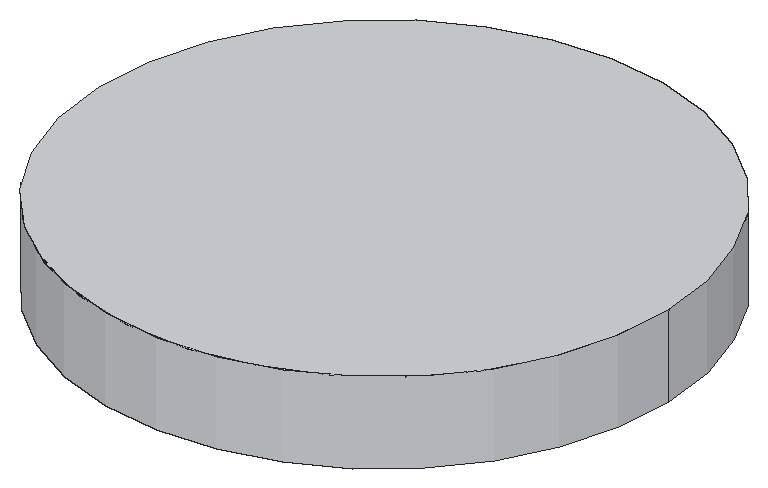
Revit family "DDP 008", category Generic Models, host Face, Revit 2017
Family settings
  Host = Face
  Can host rebar = No
  Round Connector Dimension = Use Diameter
  Part Type = Normal
  Cut with Voids When Loaded = No
  Shared = No
  Room Calculation Point = No
Parameters
  Model = "DDP 008"
  Material = none
  Manufacturer = "Depedestals"
  Description = "Podstawka pod płyty_Support pad_Plattenlager"
  Default Elevation = 0 mm
Reference planes
  plane 1 "Center (Front/Back)": y = 0
  plane 2: z = 0
  plane 3 "Center (Left/Right)": x = 0
Forms (mm)
  Extrusion 1, solid, material <- "Material"
    sketch origin (0, 0, 0) x (1, 0, 0) y (0, 1, 0)
      loop
        circle (0, 0) r 54.5
    from 0 to 15.85
Dimensions and locks
  aligned and locked: plane 2 to host face
  aligned and locked: level to host face
  aligned and locked: plane 3 "Center (Left/Right)" to nested 1
  aligned and locked: nested 1 to host face
  aligned and locked: nested 2 to plane 1 "Center (Front/Back)"
  aligned and locked: nested 2 to host face
Nested families
  nested 1: "DDP 008_Symbol" at (0, 0, 0) x (1, 0, 0) z (0, -1, 0), type "DDP 008_Symbol"
  nested 2: "DDP 008_Symbol" at (0, 0, 0) x (0, 1, 0) z (1, 0, 0), type "DDP 008_Symbol"
Definition of nested family "DDP 008_Symbol"
  Reference planes
    plane 1 "Center (Front/Back)": y = 0
    plane 2: z = 0
    plane 3 "Center (Left/Right)": x = 0
  Lines and regions (mm)
    model lines, in view "Ref. Level"
      curve 1: line (-51.959, 8.1, 0) -> (-52.253, 8.076, 0)
      curve 2: line (-52.253, 8.076, 0) -> (-52.672, 7.968, 0)
      curve 3: line (-52.672, 7.968, 0) -> (-52.951, 7.83, 0)
      curve 4: line (-52.951, 7.83, 0) -> (-53.185, 7.669, 0)
      curve 5: line (-53.185, 7.669, 0) -> (-53.381, 7.496, 0)
      curve 6: line (-53.381, 7.496, 0) -> (-53.556, 7.304, 0)
      curve 7: line (-53.556, 7.304, 0) -> (-53.734, 7.013, 0)
      curve 8: line (-53.734, 7.013, 0) -> (-53.844, 6.739, 0)
      curve 9: line (-53.844, 6.739, 0) -> (-53.904, 6.553, 0)
      curve 10: line (-53.904, 6.553, 0) -> (-53.948, 6.292, 0)
      curve 11: line (-53.948, 6.292, 0) -> (-53.98, 5.938, 0)
      curve 12: line (-53.98, 5.938, 0) -> (-54.5, 0, 0)
      curve 13: line (-54.5, 0, 0) -> (54.5, 0, 0)
      curve 14: line (54.5, 0, 0) -> (53.951, 6.274, 0)
      curve 15: line (53.53, 7.333, 0) -> (53.409, 7.465, 0)
      curve 16: line (53.409, 7.465, 0) -> (53.269, 7.606, 0)
      curve 17: line (53.269, 7.606, 0) -> (53.019, 7.796, 0)
      curve 18: line (52.936, 7.842, 0) -> (52.769, 7.935, 0)
      curve 19: line (52.769, 7.935, 0) -> (52.613, 7.994, 0)
      curve 20: line (52.613, 7.994, 0) -> (52.444, 8.046, 0)
      curve 21: line (52.444, 8.046, 0) -> (52.283, 8.074, 0)
      curve 22: line (52.283, 8.074, 0) -> (-51.959, 8.074, 0)
      curve 23: line (-34.251, 8.1, 0) -> (-34.769, 14.024, 0)
      curve 24: line (-34.769, 14.024, 0) -> (-34.83, 14.367, 0)
      curve 25: line (-34.83, 14.367, 0) -> (-34.956, 14.711, 0)
      curve 26: line (-34.956, 14.711, 0) -> (-35.152, 15.037, 0)
      curve 27: line (-35.152, 15.037, 0) -> (-35.41, 15.325, 0)
      curve 28: line (-35.41, 15.325, 0) -> (-35.72, 15.557, 0)
      curve 29: line (-35.72, 15.557, 0) -> (-36.061, 15.723, 0)
      curve 30: line (-36.061, 15.723, 0) -> (-36.415, 15.82, 0)
      curve 31: line (-36.415, 15.82, 0) -> (-36.762, 15.85, 0)
      curve 32: line (-36.762, 15.85, 0) -> (-47.238, 15.85, 0)
      curve 33: line (-47.238, 15.85, 0) -> (-47.585, 15.82, 0)
      curve 34: line (-47.585, 15.82, 0) -> (-47.939, 15.723, 0)
      curve 35: line (-47.939, 15.723, 0) -> (-48.28, 15.557, 0)
      curve 36: line (-48.28, 15.557, 0) -> (-48.59, 15.325, 0)
      curve 37: line (-48.59, 15.325, 0) -> (-48.848, 15.037, 0)
      curve 38: line (-48.848, 15.037, 0) -> (-49.044, 14.711, 0)
      curve 39: line (-49.044, 14.711, 0) -> (-49.17, 14.367, 0)
      curve 40: line (-49.17, 14.367, 0) -> (-49.231, 14.024, 0)
      curve 41: line (-49.231, 14.024, 0) -> (-49.749, 8.1, 0)
      curve 42: line (34.251, 8.1, 0) -> (34.769, 14.024, 0)
      curve 43: line (34.769, 14.024, 0) -> (34.83, 14.367, 0)
      curve 44: line (34.83, 14.367, 0) -> (34.956, 14.711, 0)
      curve 45: line (34.956, 14.711, 0) -> (35.152, 15.037, 0)
      curve 46: line (35.152, 15.037, 0) -> (35.41, 15.325, 0)
      curve 47: line (35.41, 15.325, 0) -> (35.72, 15.557, 0)
      curve 48: line (35.72, 15.557, 0) -> (36.061, 15.723, 0)
      curve 49: line (36.061, 15.723, 0) -> (36.415, 15.82, 0)
      curve 50: line (36.415, 15.82, 0) -> (36.762, 15.85, 0)
      curve 51: line (36.762, 15.85, 0) -> (47.238, 15.85, 0)
      curve 52: line (47.238, 15.85, 0) -> (47.585, 15.82, 0)
      curve 53: line (47.585, 15.82, 0) -> (47.939, 15.723, 0)
      curve 54: line (47.939, 15.723, 0) -> (48.28, 15.557, 0)
      curve 55: line (48.28, 15.557, 0) -> (48.59, 15.325, 0)
      curve 56: line (48.59, 15.325, 0) -> (48.848, 15.037, 0)
      curve 57: line (48.848, 15.037, 0) -> (49.044, 14.711, 0)
      curve 58: line (49.044, 14.711, 0) -> (49.17, 14.367, 0)
      curve 59: line (49.17, 14.367, 0) -> (49.231, 14.024, 0)
      curve 60: line (49.231, 14.024, 0) -> (49.749, 8.1, 0)
      curve 61: line (-1.5, 8.1, 0) -> (-1.162, 15.85, 0)
      curve 62: line (-1.162, 15.85, 0) -> (1.162, 15.85, 0)
      curve 63: line (1.162, 15.85, 0) -> (1.5, 8.1, 0)
      curve 64: line (-53.31, 7.575, 0) -> (-53.019, 7.796, 0)
      curve 65: line (-53.019, 7.796, 0) -> (-52.672, 7.968, 0)
      curve 66: line (-52.672, 7.968, 0) -> (-52.283, 8.074, 0)
      curve 67: line (-52.283, 8.074, 0) -> (-51.959, 8.1, 0)
      curve 68: line (-51.959, 8.1, 0) -> (-51.091, 8.1, 0)
      curve 69: line (-51.091, 8.1, 0) -> (-49.953, 8.1, 0)
      curve 70: line (-49.953, 8.1, 0) -> (-48.311, 8.1, 0)
      curve 71: line (-48.311, 8.1, 0) -> (-46.154, 8.1, 0)
      curve 72: line (-46.154, 8.1, 0) -> (-43.489, 8.1, 0)
      curve 73: line (-43.489, 8.1, 0) -> (-40.338, 8.1, 0)
      curve 74: line (-40.338, 8.1, 0) -> (-36.74, 8.1, 0)
      curve 75: line (-36.74, 8.1, 0) -> (-32.749, 8.1, 0)
      curve 76: line (-32.749, 8.1, 0) -> (-28.432, 8.1, 0)
      curve 77: line (-28.432, 8.1, 0) -> (52.283, 8.1, 0)
      curve 78: line (52.283, 8.1, 0) -> (52.672, 7.968, 0)
      curve 79: line (52.672, 7.968, 0) -> (53.019, 7.796, 0)
      curve 80: line (53.019, 7.796, 0) -> (53.31, 7.575, 0)
      curve 81: line (53.31, 7.575, 0) -> (53.556, 7.304, 0)
      curve 82: line (53.556, 7.304, 0) -> (53.758, 6.974, 0)
      curve 83: line (53.758, 6.974, 0) -> (53.897, 6.595, 0)
      curve 84: line (53.897, 6.595, 0) -> (53.951, 6.274, 0)
      curve 85: line (53.951, 6.274, 0) -> (54.5, 0, 0)
      curve 86: line (54.5, 0, 0) -> (54.28, 0, 0)
      curve 87: line (54.28, 0, 0) -> (53.59, 0, 0)
      curve 88: line (53.59, 0, 0) -> (52.396, 0, 0)
      curve 89: line (52.396, 0, 0) -> (50.673, 0, 0)
      curve 90: line (50.673, 0, 0) -> (48.411, 0, 0)
      curve 91: line (48.411, 0, 0) -> (45.616, 0, 0)
      curve 92: line (45.616, 0, 0) -> (42.311, 0, 0)
      curve 93: line (42.311, 0, 0) -> (38.537, 0, 0)
      curve 94: line (38.537, 0, 0) -> (34.351, 0, 0)
      curve 95: line (34.351, 0, 0) -> (29.823, 0, 0)
      curve 96: line (29.823, 0, 0) -> (25.032, 0, 0)
      curve 97: line (25.032, 0, 0) -> (20.061, 0, 0)
      curve 98: line (20.061, 0, 0) -> (14.996, 0, 0)
      curve 99: line (14.996, 0, 0) -> (9.917, 0, 0)
      curve 100: line (9.917, 0, 0) -> (4.897, 0, 0)
      curve 101: line (4.897, 0, 0) -> (0, 0, 0)
      curve 102: line (0, 0, 0) -> (-4.897, 0, 0)
      curve 103: line (-4.897, 0, 0) -> (-9.917, 0, 0)
      curve 104: line (-9.917, 0, 0) -> (-14.996, 0, 0)
      curve 105: line (-14.996, 0, 0) -> (-20.061, 0, 0)
      curve 106: line (-20.061, 0, 0) -> (-25.032, 0, 0)
      curve 107: line (-25.032, 0, 0) -> (-29.823, 0, 0)
      curve 108: line (-29.823, 0, 0) -> (-34.351, 0, 0)
      curve 109: line (-34.351, 0, 0) -> (-38.537, 0, 0)
      curve 110: line (-38.537, 0, 0) -> (-42.311, 0, 0)
      curve 111: line (-42.311, 0, 0) -> (-45.616, 0, 0)
      curve 112: line (-45.616, 0, 0) -> (-48.411, 0, 0)
      curve 113: line (-48.411, 0, 0) -> (-50.673, 0, 0)
      curve 114: line (-50.673, 0, 0) -> (-52.396, 0, 0)
      curve 115: line (-52.396, 0, 0) -> (-53.59, 0, 0)
      curve 116: line (-53.59, 0, 0) -> (-54.28, 0, 0)
      curve 117: line (-54.28, 0, 0) -> (-54.5, 0, 0)
      curve 118: line (-54.5, 0, 0) -> (-53.951, 6.274, 0)
      curve 119: line (-53.951, 6.274, 0) -> (-53.897, 6.595, 0)
      curve 120: line (-53.897, 6.595, 0) -> (-53.758, 6.974, 0)
      curve 121: line (-53.758, 6.974, 0) -> (-53.556, 7.304, 0)
      curve 122: line (-53.556, 7.304, 0) -> (-53.31, 7.575, 0)
